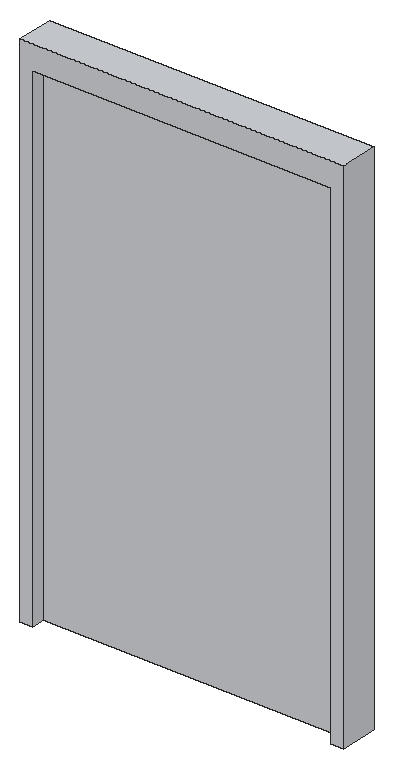
Revit family "Door", category Doors, host Wall, Revit 2025
Family settings
  Host = Wall
  OmniClass Number = 23.30.10.00
  OmniClass Title = Doors
  Always vertical = Yes
  Cut with Voids When Loaded = No
  Shared = No
  Room Calculation Point = No
Parameters (values of type "3A")
  Thickness = 0' - 1 3/4"
  Function = Interior
  Frame Width Upper = 0' - 4"
  Frame Thickness = 0' - 6"
  Frame Width = 0' - 2"
  Height = 7' - 0"
  Wall Closure = By host
  Width = 4' - 4"
  Define Thermal Properties by = Schematic Type
  Analytic Construction = "<None>"
Reference planes (in)
  plane 1 "Center (Front/Back)": y = 0
  plane 2 "Center (Left/Right)": x = 0
  plane 3 "Left": x = -26
  plane 4 "Right": x = 26
  plane 5 "Top": z = 84
  plane 6 "Exterior": y = 7
  plane 7 "Interior": y = -7
  plane 8: y = 0
  plane 9: y = -3
  plane 10: y = 3
Forms (in)
  Extrusion 1, solid, detail levels fine
    sketch origin (0, 0, 0) x (1, 0, 0) y (0, 1, 0)
      loop
        line (-24, 0.875) -> (-24, -0.875) -> (24, -0.875) -> (24, 0.875) -> (-24, 0.875)
    from 0 to 80
  Extrusion 2, solid, detail levels fine
    sketch origin (0, 0, 0) x (1, 0, 0) y (0, 0, 1)
      loop
        line (-26, 0) -> (-24, 0) -> (-24, 80) -> (24, 80) -> (24, 0) -> (26, 0) -> (26, 84) -> (-26, 84) -> (-26, 0)
    from -3 to 3
Lines and regions (in)
  Opening 1
    outline origin (-90, -7, 0) x (1, 0, 0) y (0, 0, 1)
      loop
        line (64, 0) -> (116, 0) -> (116, 84) -> (64, 84) -> (64, 0)
  symbolic lines
    curve 1: line (-24, 3, 0) -> (-24, 51, 0)
    curve 2: line (-24, 51, 0) -> (-22.25, 51, 0)
    curve 3: line (-22.25, 51, 0) -> (-22.25, 3, 0)
    curve 4: line (-22.25, 3, 0) -> (-24, 3, 0)
    curve 5: line (23, 1, 0) -> (23, -1, 0)
    curve 6: line (23, -1, 0) -> (24, -1, 0)
    curve 7: line (24, -1, 0) -> (24, -3, 0)
    curve 8: line (24, -3, 0) -> (26, -3, 0)
    curve 9: line (26, -3, 0) -> (26, 3, 0)
    curve 10: line (26, 3, 0) -> (24, 3, 0)
    curve 11: line (24, 3, 0) -> (24, 1, 0)
    curve 12: line (24, 1, 0) -> (23, 1, 0)
    curve 21: line (-23, 1, 0) -> (-23, -1, 0)
    curve 22: line (-23, -1, 0) -> (-24, -1, 0)
    curve 23: line (-24, -1, 0) -> (-24, -3, 0)
    curve 24: line (-24, -3, 0) -> (-26, -3, 0)
    curve 25: line (-26, -3, 0) -> (-26, 3, 0)
    curve 26: line (-26, 3, 0) -> (-24, 3, 0)
    curve 27: line (-24, 3, 0) -> (-24, 1, 0)
    curve 28: line (-24, 1, 0) -> (-23, 1, 0)
    curve 29: line (24, 3, 0) -> (24, 5.94271, 0)
    curve 30: arc (-22.25, 50.98421, 0) -> (10.37851, 38.22196, 0) -> (24, 5.94271, 0) r 45.05729
    curve 31: line (-24, 3, 0) -> (24, 3, 0)
    curve 32: line (24, -3, 0) -> (-24, -3, 0)
  symbolic lines, not visible
    curve 13: line (23, 1, 0) -> (23, -1, 0)
    curve 14: line (23, -1, 0) -> (24, -1, 0)
    curve 15: line (24, -1, 0) -> (24, -3, 0)
    curve 16: line (24, -3, 0) -> (26, -3, 0)
    curve 17: line (26, -3, 0) -> (26, 3, 0)
    curve 18: line (26, 3, 0) -> (24, 3, 0)
    curve 19: line (24, 3, 0) -> (24, 1, 0)
    curve 20: line (24, 1, 0) -> (23, 1, 0)
Text (in)
  text "Exterior" at (-71.22539, 20.51343, 0), in view "Ref. Level"
  text "Interior" at (-71.22539, -15.26908, 0), in view "Ref. Level"
  text "Exterior" at (0, 40.15149, 123.01588), in view "Right"
  text "Interior" at (0, -64.39139, 123.01588), in view "Right"
  text "Interior" at (0, -31.01599, 123.00693), in view "Left"
  text "Exterior" at (0, 54.57065, 123.00693), in view "Left"
Dimensions and locks (in)
  equal spacing: Extrusion 1 sketch curve, host wall, Extrusion 1 sketch curve
  "Thickness": Extrusion 1 sketch curve to Extrusion 1 sketch curve
  equal spacing: plane 3 "Left", plane 2 "Center (Left/Right)", plane 4 "Right"
  "Width": plane 3 "Left" to plane 4 "Right"
  "Frame Width": Extrusion 2 sketch curve to Extrusion 2 sketch curve  (x2)
  "Frame Width Upper": plane 5 "Top" to Extrusion 2 sketch curve
  equal spacing: plane 10, plane 8, plane 9
  "Frame Thickness": plane 9 to plane 10
  "Height": plane 5 "Top" to level
  plane 3 "Left" to curve 1 = 0' - 2"
  aligned and locked: plane 3 "Left" to Opening 1 sketch curve
  aligned and locked: plane 5 "Top" to Opening 1 sketch curve  (x2)
  aligned and locked: Opening 1 sketch curve to plane 4 "Right"
  aligned and locked: Opening 1 sketch curve to level
  aligned and locked: plane 6 "Exterior" to host wall
  aligned and locked: plane 7 "Interior" to host wall
  aligned and locked: plane 3 "Left" to Extrusion 2 sketch curve
  aligned and locked: Extrusion 2 sketch curve to plane 4 "Right"
  aligned and locked: Extrusion 2 sketch curve to plane 5 "Top"
  aligned and locked: Extrusion 2 to plane 10
  aligned and locked: Extrusion 2 to plane 9
  aligned and locked: Extrusion 2 to Extrusion 1 sketch curve  (x2)
  aligned and locked: Extrusion 1 to Extrusion 2
  aligned and locked: curve 9 to plane 4 "Right"
  aligned and locked: curve 25 to plane 3 "Left"
Automatic sketch dimensions
  curve 32 to plane 9 = 0' - 0"
  plane 10 to curve 4 = 0' - 0"
  curve 1 to curve 4 = 0' - 1 3/4"
  curve 30 to host wall = 0' - 1.05729"
  curve 3 to curve 30 = 0' - 1.19271"
  plane 4 "Right" to curve 29 = 0' - 2"
  curve 30 to curve 2 = 0' - 0.01579"
  curve 32 to plane 3 "Left" = 0' - 2"
  plane 4 "Right" to curve 32 = 0' - 2"
  Extrusion 2 sketch curve to level = 0' - 0"  (x2)
